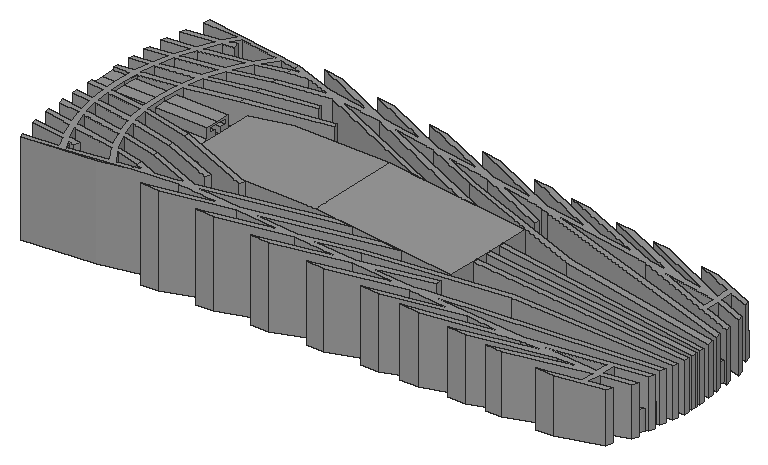
Revit family "Superstreet 340", category Осветительные приборы, Revit 2017 (continued)
Types (11, lengths in mm): name | built-in parameter 1150134 | Файл фотометрической сетки | built-in parameter 1150105 | Lumens | built-in parameter 1150106 | built-in parameter 1150142 | Wattage | built-in parameter 1150107 | Артикул
  Superstreet 340 4.0К Ш13 | 12 | "Superstreet 340-310-LLI13-4.0K-01.ies" | 2910.9 (stored number, unit not read) | 36580 lm | 29.109 (stored number, unit not read) | "ISNA:LM-63-1995\r\n[TEST]LEDEL\r\n[DATA]28.05.2018\r\n[MANUFAC]LEDEL\r\n[LUMCAT]Superstreet 340/310/Ш13/4.0K/01\r\n[LUMINAIRE]Для освещения дорог категорий А и Б, городских улиц и площадей\r\n[LAMPCAT]LED\r\n[LAMP]OSRAM OSLON SQUARE3\r\nTILT=NONE\r\n\r\n1 36580 1.9258713277877 37 37 1 2 0.636 0.256 0.100\r\n1 1 310\r\n\r\n0 2.5 5 7.5 10 12.5 15 17.5 20 22.5 25 27.5 30 32.5 35 37.5 40 42.5 45 47.5\r\n 50 52.5 55 57.5 60 62.5 65 67.5 70 72.5 75 77.5 80 82.5 85 87.5 90\r\n\r\n90 95 100 105 110 115 120 125 130 135 140 145 150 155 160 165 170 175 180\r\n 185 190 195 200 205 210 215 220 225 230 235 240 245 250 255 260 265 270\r\n\r\n\r\n   6235 5721 5230 4749 4277 3754 3242 2810 2529 2300 2116 1966 1809 1658 1539\r\n  1403 1314 1189 1073 1066 1246 1261 1126 1039 1021 1006 1013 1017 953 799\r\n  548 379 226 121 53 27 23\r\n  6175 5646 5170 4701 4217 3699 3174 2780 2484 2285 2094 1951 1786 1640 1531\r\n  1403 1284 1171 1051 1107 1246 1216 1111 1024 991 1006 1013 999 901 766\r\n  511 349 211 106 38 31 16\r\n  6235 5721 5223 4776 4292 3774 3234 2817 2514 2288 2094 1951 1816 1681 1546\r\n  1426 1276 1148 1066 1062 1216 1231 1111 1024 1006 1006 1006 1006 938 784\r\n  571 379 256 136 46 27 8\r\n  6416 5886 5403 4956 4487 4026 3489 2997 2672 2431 2221 2056 1899 1771 1621\r\n  1475 1336 1216 1103 1024 1141 1264 1156 1036 968 964 991 953 901 781\r\n  593 376 263 139 61 19 16\r\n  6258 5743 5290 4839 4397 3936 3399 2975 2642 2431 2229 2060 1899 1768 1629\r\n  1471 1314 1216 1096 1051 1103 1216 1171 1036 961 931 916 901 863 766\r\n  638 451 263 132 46 27 23\r\n  6416 5908 5455 5031 4592 4164 3677 3204 2837 2597 2364 2195 2034 1880 1726\r\n  1591 1441 1291 1178 1051 1013 1111 1141 1073 976 886 841 852 811 766\r\n  676 514 316 136 53 27 16\r\n  6378 5901 5463 5038 4637 4221 3759 3294 2912 2645 2446 2266 2116 1951 1801\r\n  1651 1486 1328 1208 1099 1006 1006 1058 1051 976 901 796 732 721 691\r\n  631 514 316 151 61 31 8\r\n 6281 5833 5433 5061 4675 4299 3887 3455 3054 2769 2552 2386 2206 2045 1884\r\n  1715 1554 1385 1231 1114 1028 961 961 961 916 859 781 706 631 589\r\n  518 421 241 121 46 31 16\r\n  6326 5920 5515 5169 4817 4472 4090 3672 3294 2960 2709 2522 2341 2153 1996\r\n  1816 1651 1493 1336 1189 1066 976 931 886 848 811 751 679 608 529\r\n  466 361 218 121 46 31 31\r\n   6371 5976 5620 5271 4967 4652 4315 3962 3564 3212 2912 2687 2469 2296 2124\r\n  1951 1786 1610 1456 1294 1171 1036 938 856 796 766 713 676 593 526\r\n  443 323 196 106 46 31 31\r\n  6386 6036 5710 5399 5095 4821 4555 4236 3925 3579 3219 2957 2702 2491 2296\r\n  2120 1951 1786 1599 1430 1269 1118 968 859 781 721 683 634 586 481\r\n  383 271 166 102 46 31 31\r\n  6386 6066 5793 5523 5268 5031 4787 4532 4262 3977 3632 3294 3002 2762 2537\r\n  2356 2146 1955 1771 1610 1411 1261 1081 934 826 743 683 642 571 488\r\n  383 271 181 106 46 34 31\r\n  6483 6201 5943 5691 5470 5245 5043 4821 4615 4371 4105 3812 3512 3200 2934\r\n  2690 2454 2225 2034 1823 1614 1426 1216 1062 946 856 788 706 616 511\r\n  383 274 181 109 46 42 38\r\n  6476 6228 6003 5808 5628 5459 5283 5103 4915 4727 4502 4281 4037 3782 3497\r\n  3215 2964 2705 2454 2210 1966 1726 1501 1318 1193 1126 1058 961 826 634\r\n  443 301 203 121 61 46 46\r\n  6416 6231 6048 5913 5763 5643 5493 5373 5238 5079 4937 4772 4570 4386 4172\r\n  3951 3714 3452 3182 2897 2604 2318 2071 1895 1816 1778 1771 1610 1238 769\r\n  443 301 203 121 91 46 38\r\n  6461 6318 6183 6078 5973 5883 5793 5691 5583 5489 5343 5223 5088 4914 4742\r\n  4566 4390 4187 3955 3695 3444 3200 3017 2882 2867 2949 2987 2717 1989 1080\r\n  541 304 173 109 91 49 46\r\n  6483 6393 6303 6250 6198 6138 6093 6036 5973 5909 5823 5736 5628 5500 5380\r\n  5238 5088 4937 4742 4521 4300 4101 3947 3857 3887 4097 4375 4412 3564 2074\r\n  923 379 211 136 98 61 53\r\n  6528 6468 6438 6408 6393 6408 6393 6393 6393 6390 6333 6303 6228 6138 6018\r\n  5901 5763 5590 5395 5196 4967 4791 4682 4622 4712 5021 5485 5643 4660 2786\r\n  1223 491 263 151 106 84 46\r\n  6528 6540 6558 6588 6663 6738 6798 6858 6918 6975 7008 7038 7046 6993 6948\r\n  6873 6791 6663 6543 6405 6303 6288 6363 6528 6821 7409 8171 8205 6371 3474\r\n  1081 391 226 151 113 91 46\r\n  6528 6558 6626 6708 6813 6907 7053 7173 7308 7413 7534 7639 7729 7789 7804\r\n  7804 7759 7714 7661 7579 7556 7612 7759 8047 8531 9322 10280 10576 8967 5519\r\n  2049 549 263 199 151 121 98\r\n  6483 6577 6708 6858 7023 7173 7353 7564 7744 7931 8134 8317 8479 8614 8704\r\n  8749 8764 8719 8644 8569 8509 8542 8666 8924 9387 10140 11120 11585 10205 6656\r\n  2754 755 271 207 166 132 98\r\n  6461 6618 6768 6952 7158 7387 7631 7882 8134 8354 8629 8873 9094 9289 9402\r\n  9458 9454 9364 9184 9001 8824 8719 8734 8869 9222 9907 10902 11570 10595 7253\r\n  3099 845 316 226 181 136 121\r\n  6416 6618 6813 7042 7301 7567 7864 8152 8456 8737 9012 9289 9514 9713 9829\r\n  9868 9792 9612 9364 9072 8824 8655 8576 8644 8877 9341 10107 10692 10040 7233\r\n  3317 917 301 211 136 117 91\r\n  6476 6708 6963 7237 7549 7864 8179 8486 8809 9105 9387 9653 9882 10040 10085\r\n  10051 9882 9612 9304 9001 8726 8539 8389 8284 8194 8089 8074 7793 6446 3864\r\n  1584 624 331 192 121 91 61\r\n   6483 6760 7076 7387 7736 8062 8404 8726 9064 9341 9612 9833 10025 10145 10152\r\n  10055 9837 9514 9177 8791 8419 8040 7564 6938 6168 5362 4675 4080 3039 1664\r\n  758 432 278 132 76 57 46\r\n  6386 6720 7038 7390 7766 8134 8471 8804 9139 9413 9657 9893 10009 10133 10152\r\n  10040 9799 9421 8944 8400 7736 6934 5890 4822 3917 3220 2784 2431 1914 1213\r\n  706 462 316 196 121 106 91\r\n  6386 6742 7128 7537 7916 8302 8666 8989 9297 9559 9754 9949 10062 10100 10002\r\n  9777 9372 8795 8074 7151 6010 4822 3842 3123 2612 2218 1906 1633 1246 852\r\n  608 481 368 211 106 57 31\r\n  6371 6760 7166 7574 7991 8392 8749 9053 9327 9574 9769 9908 9987 9926 9777\r\n  9417 8839 7988 6888 5572 4322 3381 2717 2271 1921 1674 1479 1276 968 706\r\n  586 514 361 192 61 42 38\r\n  6326 6760 7218 7657 8074 8482 8824 9117 9372 9585 9769 9874 9874 9739 9417\r\n  8885 8051 6871 5515 4275 3317 2650 2206 1899 1666 1493 1374 1183 916 702\r\n  586 481 361 211 106 46 38\r\n  6281 6742 7218 7675 8104 8516 8869 9143 9372 9574 9717 9784 9709 9496 9049\r\n  8307 7211 5881 4570 3547 2792 2293 1959 1723 1554 1438 1276 1062 826 627\r\n  511 387 301 174 98 42 31\r\n  6378 6895 7421 7912 8359 8737 9042 9266 9477 9596 9657 9589 9402 8997 8299\r\n  7216 5883 4593 3594 2875 2356 2004 1764 1618 1464 1306 1118 897 698 541\r\n  436 304 226 132 91 46 23\r\n  6416 6914 7458 7931 8359 8722 9004 9248 9424 9559 9567 9454 9154 8604 7729\r\n  6488 5163 4027 3212 2608 2184 1888 1711 1550 1396 1216 1021 807 623 481\r\n  361 271 196 106 61 31 16\r\n 6258 6787 7323 7822 8269 8647 8944 9199 9349 9469 9477 9357 9019 8435 7503\r\n  6286 4990 3895 3099 2548 2139 1876 1689 1531 1359 1171 968 781 571 439\r\n  316 249 181 121 76 42 31\r\n  6416 6959 7519 8032 8456 8782 9049 9244 9387 9431 9349 9129 8644 7898 6821\r\n  5569 4427 3517 2874 2425 2064 1846 1636 1471 1299 1126 916 717 548 391\r\n  293 211 151 114 61 27 16\r\n  6235 6805 7368 7886 8336 8707 8982 9199 9327 9379 9304 9061 8599 7793 6678\r\n  5430 4277 3381 2747 2293 1981 1771 1591 1419 1246 1062 871 676 511 372\r\n  286 211 143 106 53 31 16\r\n  6175 6727 7301 7822 8291 8659 8929 9143 9304 9364 9289 9061 8606 7827 6716\r\n  5460 4315 3400 2769 2331 2004 1783 1599 1441 1246 1062 871 680 518 376\r\n  293 222 181 109 53 46 38\r\n  6235 6802 7361 7897 8336 8707 8967 9158 9304 9357 9267 8986 8486 7647 6521\r\n  5280 4172 3333 2717 2293 2011 1798 1614 1430 1261 1066 871 669 518 376\r\n  286 211 151 94 53 31 31\r\n" | 246.26 W | 4000 (stored number, unit not read) | "306116"
  Superstreet 340 4.0К Ш22 | 12 | "Superstreet 340-310-LLI22-4.0К-01.ies" | 2764.8 (stored number, unit not read) | 34743 lm | 27.648 (stored number, unit not read) | "ISNA:LM-63-1995\r\n[TEST]LEDEL\r\n[DATA]28.05.2018\r\n[MANUFAC]LEDEL\r\n[LUMCAT]Superstreet 340/310/Ш22/4.0K/01\r\n[LUMINAIRE]Для освещения дорог категорий А и Б, городских улиц и площадей\r\n[LAMPCAT]LED\r\n[LAMP]OSRAM OSLON SQUARE3\r\nTILT=NONE\r\n\r\n1 34743 1.044965 37 37 1 2 0.636 0.256 0.100\r\n\r\n1 1 310\r\n\r\n0 2.5 5 7.5 10 12.5 15 17.5 20 22.5 25 27.5 30 32.5 35 37.5 40 42.5 45 47.5\r\n50 52.5 55 57.5 60 62.5 65 67.5 70 72.5 75 77.5 80 82.5 85 87.5 90\r\n\r\n90 95 100 105 110 115 120 125 130 135 140 145 150 155 160 165 170 175 180\r\n 185 190 195 200 205 210 215 220 225 230 235 240 245 250 255 260 265 270\r\n\r\n  8396 8494 8554 8644 8734 8846 8944 9038 9094 9229 9387 9574 9784 10043 10377\r\n  10857 11413 11724 11533 11050 10130 7762 4877 3393 2574 1929 1366 999 781 646\r\n  511 372 271 151 106 91 53\r\n  8374 8464 8539 8584 8689 8791 8884 8974 9064 9158 9297 9484 9694 9953 10242\r\n  10658 11202 11630 11660 11293 10572 8838 5898 3791 2724 2091 1501 1062 811 676\r\n  526 387 286 192 121 91 61\r\n  8359 8464 8539 8584 8674 8779 8877 8963 9049 9139 9259 9469 9657 9893 10182\r\n  10568 11082 11589 11743 11488 10850 9400 6626 4211 2912 2214 1636 1164 886 702\r\n  548 425 301 222 136 114 61\r\n  8336 8452 8539 8584 8659 8749 8854 8936 9034 9124 9237 9413 9634 9851 10167\r\n  10553 11082 11652 11900 11672 11112 9869 7166 4486 3009 2293 1681 1194 878 706\r\n  586 447 346 249 143 106 76\r\n  8381 8467 8539 8591 8674 8756 8839 8929 9004 9094 9229 9383 9574 9833 10152\r\n  10538 11067 11671 11998 11818 11278 10244 7766 4805 3137 2331 1666 1122 841 687\r\n  541 432 316 207 128 91 61\r\n  8329 8449 8509 8569 8636 8722 8817 8884 8974 9053 9154 9319 9499 9743 10025\r\n  10400 10857 11412 11915 12002 11645 10956 9364 6445 3977 2609 1794 1224 901 721\r\n  608 481 376 282 188 136 106\r\n  8359 8460 8501 8565 8636 8719 8802 8873 8929 9038 9147 9304 9469 9702 9972\r\n  10298 10700 11265 11893 12137 11818 11170 9844 6783 3842 2391 1606 1137 878 706\r\n  593 462 331 226 143 106 91\r\n  8336 8426 8494 8554 8614 8681 8779 8812 8899 8989 9087 9229 9387 9563 9799\r\n  10076 10445 10932 11570 12129 12215 11807 11045 9307 6048 3191 1839 1288 968 781\r\n  616 481 368 249 166 121 98\r\n  8374 8452 8501 8554 8599 8674 8734 8809 8877 8974 9064 9169 9297 9469 9672\r\n  9956 10355 10770 11353 11997 12410 12257 11728 10788 8344 4416 2101 1356 1021 792\r\n  623 466 346 222 143 106 91\r\n  8344 8415 8471 8516 8569 8629 8674 8749 8809 8888 8989 9068 9169 9308 9529\r\n  9833 10190 10557 11022 11671 12395 12771 12591 11995 10595 7073 3287 1719 1163 882\r\n  676 477 331 226 151 121 98\r\n  8344 8419 8479 8497 8554 8614 8659 8719 8779 8827 8907 8978 9064 9203 9409\r\n  9686 9994 10347 10730 11228 11915 12744 13318 13262 12606 10987 7954 4344 2079 1186\r\n  848 601 428 297 218 139 121\r\n  8374 8449 8471 8505 8554 8614 8659 8719 8779 8836 8892 8974 9072 9218 9462\r\n  9731 10032 10373 10745 11217 11840 12676 13543 13926 13483 12150 9942 6855 3767 1874\r\n  1036 669 436 301 211 151 121\r\n  8374 8407 8464 8475 8494 8550 8584 8644 8704 8737 8787 8839 8959 9094 9327\r\n  9596 9882 10208 10602 11085 11593 12215 12913 13648 13889 13128 11435 9131 6513 3784\r\n  1816 894 518 339 218 174 136\r\n  8374 8407 8449 8475 8494 8509 8569 8614 8659 8681 8734 8797 8884 9053 9297\r\n  9548 9822 10148 10535 10973 11450 11937 12455 12988 13416 13379 12463 10759 8606 5863\r\n  3309 1544 691 391 278 211 166\r\n  8374 8389 8419 8449 8464 8482 8539 8569 8614 8617 8651 8722 8832 8978 9207\r\n  9454 9717 10016 10400 10815 11308 11817 12328 12804 13131 13187 12778 11726 10032 7412\r\n  4637 2294 931 447 286 222 188\r\n  8374 8389 8404 8419 8449 8464 8494 8539 8546 8554 8599 8674 8802 8959 9162\r\n  9398 9679 9998 10370 10755 11240 11776 12380 12988 13446 13521 13146 12273 10775 8006\r\n  4697 1987 796 421 271 207 151\r\n  8374 8397 8389 8404 8404 8426 8464 8490 8486 8509 8546 8625 8719 8873 9057\r\n  9259 9529 9833 10197 10595 11067 11611 12238 12909 13483 13746 13453 12483 10857 8029\r\n  4465 1852 751 414 286 211 188\r\n  8381 8389 8374 8374 8374 8392 8411 8419 8419 8452 8479 8557 8674 8824 8989\r\n  9203 9454 9728 10077 10478 10940 11472 12073 12657 13116 13232 12741 11471 9529 6505\r\n  3249 1307 616 387 278 211 181\r\n  8381 8377 8359 8344 8344 8344 8359 8344 8344 8374 8404 8467 8569 8719 8877\r\n  9064 9312 9596 9934 10313 10775 11280 11818 12324 12606 12512 11833 10529 8651 5912\r\n  3084 1296 616 379 278 211 196\r\n  8381 8374 8336 8310 8284 8254 8246 8242 8216 8209 8216 8254 8306 8404 8539\r\n  8697 8899 9151 9439 9774 10137 10524 10902 11237 11338 11097 10445 9378 7954 6106\r\n  4090 2277 1111 541 293 196 128\r\n  8374 8344 8306 8284 8239 8197 8179 8149 8104 8085 8089 8096 8141 8209 8291\r\n  8419 8614 8806 9042 9301 9544 9777 9949 9979 9769 9311 8539 7566 6356 4823\r\n  3249 1947 1021 488 271 181 128\r\n  8374 8317 8284 8239 8201 8149 8104 8059 7999 7957 7961 7954 7954 7980 8044\r\n  8130 8239 8374 8509 8644 8749 8794 8749 8632 8359 7901 7316 6554 5575 4201\r\n  2792 1692 908 439 256 181 136\r\n  8374 8314 8254 8209 8141 8085 8029 7969 7901 7834 7789 7744 7729 7729 7736\r\n  7789 7811 7867 7916 7924 7916 7834 7684 7447 7098 6674 6085 5240 4262 3082\r\n  1906 1061 593 316 203 139 121\r\n  8374 8314 8239 8171 8089 8044 7961 7882 7804 7710 7616 7549 7496 7473 7443\r\n  7398 7398 7413 7391 7327 7211 7038 6806 6528 6175 5691 4960 4084 3107 2059\r\n  1163 679 436 274 188 139 106\r\n  8374 8299 8224 8145 8059 7984 7886 7789 7669 7552 7443 7349 7293 7233 7166\r\n  7117 7076 7023 6911 6760 6558 6321 6055 5733 5275 4588 3782 2859 1966 1283\r\n  788 526 368 256 181 132 106\r\n  8374 8299 8209 8119 8029 7909 7811 7702 7556 7420 7308 7203 7128 7053 6978\r\n  6903 6813 6712 6551 6340 6115 5853 5568 5211 4600 3789 2852 1980 1321 874\r\n  623 462 331 233 181 109 106\r\n  8344 8277 8164 8062 7961 7834 7714 7564 7443 7308 7173 7068 6978 6903 6828\r\n  6727 6581 6408 6183 5958 5710 5448 5140 4689 3910 2934 2026 1358 916 694\r\n  526 391 293 211 151 106 91\r\n  8344 8254 8149 8032 7916 7789 7639 7488 7338 7222 7098 7016 6896 6813 6723\r\n  6618 6416 6168 5935 5688 5403 5121 4757 4123 3182 2213 1509 1054 811 634\r\n  511 376 271 192 121 106 91\r\n  8374 8284 8164 8044 7894 7744 7594 7443 7301 7180 7076 6963 6873 6783 6678\r\n  6532 6311 6066 5815 5553 5290 4993 4630 4032 3039 2018 1374 983 781 631\r\n  511 376 271 196 136 106 76\r\n  8336 8242 8126 7995 7849 7675 7519 7383 7248 7143 7046 6952 6873 6760 6633\r\n  6415 6198 5920 5658 5406 5140 4806 4330 3586 2582 1688 1186 889 736 604\r\n  473 361 256 181 128 94 91\r\n  8359 8239 8119 7972 7826 7642 7481 7327 7226 7128 7046 6963 6903 6798 6641\r\n  6438 6198 5920 5673 5406 5125 4731 4232 3549 2642 1763 1193 886 721 601\r\n  473 361 271 181 121 106 91\r\n  8329 8201 8081 7931 7774 7579 7413 7293 7188 7094 7038 6963 6888 6783 6588\r\n  6393 6160 5920 5680 5391 5035 4566 3925 3136 2289 1538 1043 799 661 533\r\n  443 323 226 181 121 102 91\r\n  8381 8254 8126 7984 7811 7627 7458 7308 7211 7132 7076 7023 6948 6835 6663\r\n  6457 6235 6010 5800 5500 5133 4629 3932 3091 2221 1496 1043 799 646 526\r\n  421 316 241 181 121 94 76\r\n  8336 8224 8074 7909 7751 7555 7391 7278 7173 7128 7068 7038 6948 6828 6656\r\n  6457 6281 6108 5860 5553 5155 4629 3880 3027 2154 1433 1013 799 646 526\r\n  406 301 241 151 121 91 76\r\n  8359 8224 8074 7924 7751 7552 7391 7282 7203 7158 7113 7065 6986 6862 6663\r\n  6487 6303 6123 5868 5571 5178 4588 3805 2896 2026 1328 983 781 631 488\r\n  383 286 218 157 106 94 76\r\n  8374 8227 8104 7954 7759 7567 7406 7305 7218 7162 7136 7083 7031 6907 6746\r\n  6588 6408 6250 5988 5721 5350 4794 4000 3061 2124 1391 991 799 661 522\r\n  421 301 226 151 121 91 61\r\n  8396 8261 8134 7972 7811 7627 7443 7320 7226 7180 7128 7090 7053 6952 6783\r\n  6588 6453 6285 6040 5781 5463 4952 4187 3241 2289 1493 1043 818 676 541\r\n  421 316 241 181 121 91 91\r\n\r\n" | 233.894 W | 4000 (stored number, unit not read) | ""
